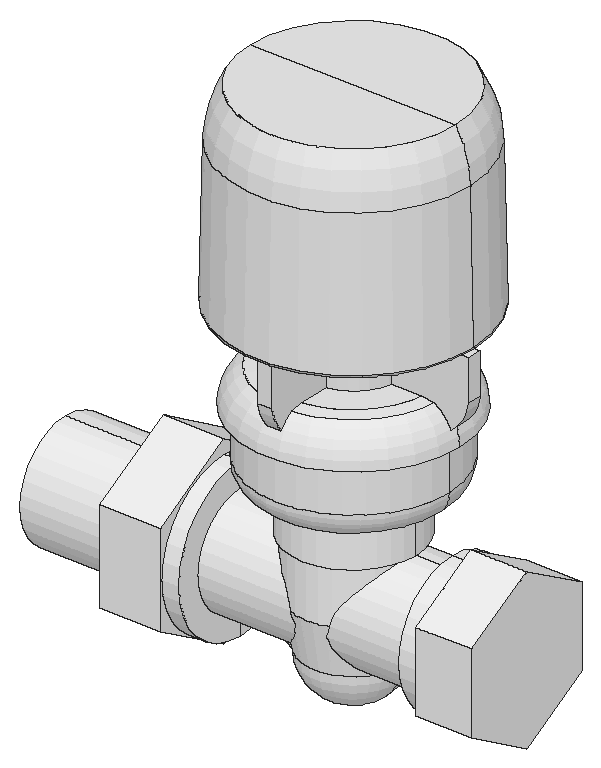
Revit family "RA-DV_Straight_DN10-20_D_Aveo_RFA_1", category Pipe Accessories, Revit 2019
Family settings
  Round Connector Dimension = Use Diameter
  Part Type = Valve - Breaks Into
  OmniClass Number = 23.65.55.14.17
  OmniClass Title = Adjusting/Controlling Valves for Liquid Services
  Work Plane-Based = No
  Always vertical = Yes
  Cut with Voids When Loaded = No
  Shared = No
Parameters (values of type "RA-DV_Straight_DN20_D_013G7726")
  Weight = 0.22 kg
  W = if(or(Sensor Type = Tamp_Remote, Sensor Type = [Tamp_Built-in]), 61.0 mm, 56.0 mm)  # 56.0 mm
  Valve Body Material = Danfoss Nickel Plated Brass
  URL = "https://store.danfoss.com/en/Climate-Solutions-for-heating/Radiator-Thermostats/Radiator-Valves/Build-on-valves/Dynamic-Valves/c/13865?q=%3Arelevance%3Adanfoss_producttypehierarchydesc%3ARA-DV%3Adanfoss_a223339155%3AA223_3391558c5e50fab3748e9c53a6863b3dce1401&text="
  TT = 18.35 mm
  TB = 18.35 mm
  T3 = 8.336 mm
  T2 = 13.2 mm
  T1 = 12.7 mm
  Setting Range = "1-7,N"  # constant formula
  Sensor Type = Aveo Sensors_RA_RFA : Aveo Sensors_Built-in_7-21 °C_015G4180
  SH_L = (LL - LL2) + LR + LL3  # 83.9 mm
  R8 = 13.5 mm
  R6 = 5.0 mm
  R5 = 8.277 mm
  R4 = 10.773 mm
  R3 = 8.277 mm
  R2 = 11.525 mm
  R1 = 14.455 mm
  Pressure Drop [instance] = 0.0 Pa
  PTR = 4.2 mm
  PTL = 4.0 mm
  PHR = 15.6 mm
  PHL = 18.1 mm
  Model Type = "RA-DV_Straight_DN20_D"
  Model = "013G7726"
  Min Medium Temperature = "2 °C"  # constant formula
  Min Differential Pressure = "0.1 bar"  # constant formula
  Max Operating Pressure = "10 bar"  # constant formula
  Max Medium Temperature = "95 °C"  # constant formula
  Max Flow (Text) = "135 l/h"  # constant formula
  Max Differential Pressure = "0.6 bar"  # constant formula
  Manufacturer = "Danfoss"  # constant formula
  LR2 = 12.9 mm
  LR1 = 0.652 mm
  LR = 40.0 mm
  LOD 350 = not(LOD 200)  # yes
  LOD 200 = no
  LL3 = 14.0 mm
  LL2 = 36.5 mm
  LL = 66.4 mm
  L [instance] = 106.4 mm
  IfcExportType = "RA-DV"  # constant formula
  IfcExportAs = "IfcValveType"  # constant formula
  Hex22 = 31.7 mm
  Hex2 = 36.6 mm
  Hex11 = 36.7 mm
  Hex1 = 42.4 mm
  Ha [instance] = 105.0 mm
  HT7 = 3.85 mm
  HT6 = 3.75 mm
  HT5 = 3.4 mm
  HT4 = 9.924 mm
  HT3 = 1.826 mm
  HT2 = 7.7 mm
  HT1 = 21.0 mm
  HB2 = 10.5 mm
  HB1 = 11.0 mm
  H [instance] = 126.5 mm
  Flow [instance] = 0.0 L/s
  Description = "Thermostatic Radiator Valve\r\n"  # constant formula
  D = 20.0 mm
  Application = "2-Pipe System"  # constant formula
  A3 = 18.055 mm
  A2 = 8.3 mm
  A1 = 3.0 mm
  Tamp_Built-in = Aveo Sensors_RA_RFA : Aveo Sensors_Tamperproof_Built-in_7-28 °C
  Tamp_Remote = Aveo Sensors_RA_RFA : Aveo Sensors_Tamperproof_Remote_7-26 °C_015G4042
Reference planes
  plane 1 "Center (Front/Back)": y = 0
  plane 2: z = 0
  plane 3 "Center (Left/Right)": x = 0
  plane 4: y = 18.35
  plane 5: y = -18.35
  plane 6 "Sensor": z = 21
  plane 7: x = -66.4
  plane 8 "LL": x = -29.9
  plane 9 "LR": x = 27.1
  plane 10: x = 40
  plane 11: z = 51.45
  plane 12: z = 47.6
  plane 13: z = 43.85
  plane 14: z = 40.45
  plane 15: z = 30.526
  plane 16: z = 28.7
  plane 17: z = 12.664
  plane 18: z = -11
  plane 19: z = -21.5
  plane 20: x = -43.9
  plane 21: x = -1.95
  plane 22: y = 28
  plane 23: y = -28
Forms (mm)
  Revolve 1, solid, material "Danfoss Nickel Plated Brass" <- "Valve Body Material", detail levels fine
    sketch origin (0, 0, 0) x (1, 0, 0) y (0, 0, 1)
      loop
        line (-66.4, 0) -> (-29.9, 0) -> (-29.9, 13.2) -> (-66.4, 13.2) -> (-66.4, 0)
      axis (-66.4, 0) -> (-29.9, 0)
    angle from 0 to 360
  Revolve 2, solid, material "Danfoss Nickel Plated Brass" <- "Valve Body Material", detail levels fine
    sketch origin (0, 0, 0) x (1, 0, 0) y (0, 0, 1)
      loop
        line (27.1, 12.7) -> (-29.9, 12.7) -> (-29.9, 0) -> (27.1, 0) -> (27.1, 12.7)
      axis (27.1, 0) -> (-29.9, 0)
    angle from 0 to 360
  Revolve 3, solid, material "Danfoss Brass", visible <- "LOD 350", detail levels fine
    sketch origin (0, 0, 0) x (1, 0, 0) y (0, 0, 1)
      loop
        line (0, 47.6) -> (-5, 47.6) -> (-5, 43.85) -> (-8.277, 43.85) -> (-8.277, 40.45) -> (0, 40.45) -> (0, 47.6)
      loop
        line (-8.277, 30.526) -> (-8.277, 28.7) -> (-11.525, 28.7) -> (-11.525, 21) -> (0, 21) -> (0, 30.526) -> (-8.277, 30.526)
      axis (0, 21) -> (0, 47.6)
    angle from 0 to 360
  Revolve 4, solid, material "Danfoss Nickel Plated Brass" <- "Valve Body Material", visible <- "LOD 350", detail levels fine
    sketch origin (0, 0, 0) x (1, 0, 0) y (0, 0, 1)
      loop
        line (13.5, 0) -> (13.5, 12.664) -> (14.455, 12.664) -> (14.455, 21) -> (0, 21) -> (0, -21.48)
        arc (0, -21.48) -> (7.755, -18.733) -> (11.15, -11.239) r 10.5
        line (11.15, -11.239) -> (13.5, 0)
      axis (0, -21.48) -> (0, 21)
    angle from 0 to 360
  Revolve 5, solid, material "Danfoss Nickel Plated Brass" <- "Valve Body Material", visible <- "LOD 350", detail levels fine
    sketch origin (0, 0, 0) x (1, 0, 0) y (0, 0, 1)
      loop
        line (-29.9, 18.1) -> (-29.9, 0) -> (-25.9, 0) -> (-25.9, 18.1) -> (-29.9, 18.1)
      axis (-29.9, 0) -> (-25.9, 0)
    angle from 0 to 360
  Revolve 6, solid, material "Danfoss Nickel Plated Brass" <- "Valve Body Material", visible <- "LOD 350", detail levels fine
    sketch origin (0, 0, 0) x (1, 0, 0) y (0, 0, 1)
      loop
        line (27.1, 15.6) -> (22.9, 15.6) -> (22.9, 0) -> (27.1, 0) -> (27.1, 15.6)
      axis (22.9, 0) -> (27.1, 0)
    angle from 0 to 360
  Extrusion 7, solid, material "Danfoss Nickel Plated Brass" <- "Valve Body Material", visible <- "LOD 350", detail levels fine
    sketch origin (0, 0, 0) x (1, 0, 0) y (0, 0, 1)
      loop
        line (0, 0) -> (-29.9, 0) -> (-29.9, -3) -> (-8.3, -18.055) -> (0, -18.055) -> (0, 0)
    from -2 to 2
  Extrusion 8, solid, material "Danfoss Nickel Plated Brass" <- "Valve Body Material", visible <- "LOD 200", detail levels fine
    sketch origin (-29.9, 0, 0) x (0, 0, -1) y (0, -1, 0)
      loop
        circle (0, 0) r 21.2
    from 0 to 14
  Extrusion 9, solid, material "Danfoss Nickel Plated Brass" <- "Valve Body Material", visible <- "LOD 200", detail levels fine
    sketch origin (27.1, 0, 0) x (0, 0, -1) y (0, -1, 0)
      loop
        circle (0, 0) r 18.3
    from 0 to -12.9
  Revolve 10, solid, material "Danfoss Nickel Plated Brass" <- "Valve Body Material", visible <- "LOD 200", detail levels fine
    sketch origin (0, 0, 0) x (1, 0, 0) y (0, 0, 1)
      loop
        line (10.5, -14.643) -> (10.5, 12.664) -> (14.455, 12.664) -> (14.455, 21) -> (0, 21) -> (0, -21.48)
        arc (0, -21.48) -> (6.381, -19.799) -> (10.5, -14.643) r 10.5
      axis (0, -21.48) -> (0, 21)
    angle from 0 to 360
  Revolve 11, solid, material "Danfoss Nickel Plated Brass" <- "Valve Body Material", detail levels fine
    sketch origin (0, 0, 0) x (1, 0, 0) y (0, 0, 1)
      loop
        line (0, 51.45) -> (-1, 51.45) -> (-1, 47.6) -> (0, 47.6) -> (0, 51.45)
      axis (0, 47.6) -> (0, 51.45)
    angle from 0 to 360
  Revolve 12, solid, material "Danfoss Brass", visible <- "LOD 200", detail levels fine
    sketch origin (0, 0, 0) x (1, 0, 0) y (0, 0, 1)
      loop
        line (0, 47.6) -> (-5, 47.6) -> (-5, 40.45) -> (0, 40.45) -> (0, 47.6)
      loop
        line (0, 30.526) -> (-11.5, 30.526) -> (-11.5, 21) -> (0, 21) -> (0, 30.526)
      axis (0, 21) -> (0, 47.6)
    angle from 0 to 360
  Revolve 13, solid, material "Danfoss Plastic Green", detail levels fine
    sketch origin (0, 0, 0) x (1, 0, 0) y (0, 0, 1)
      loop
        line (0, 40.45) -> (-10.773, 40.45) -> (-10.773, 30.526) -> (0, 30.526) -> (0, 40.45)
      axis (0, 40.45) -> (0, 30.526)
    angle from 0 to 360
Dimensions and locks
  "LL": plane 3 "Center (Left/Right)" to plane 7
  "LR": plane 10 to plane 3 "Center (Left/Right)"
  "LR2": plane 9 "LR" to plane 10
  "LL2": plane 7 to plane 8 "LL"
  "HT1": plane 6 "Sensor" to level
  "T3": plane 6 "Sensor" to plane 17
  "HT2": plane 16 to plane 6 "Sensor"
  "HT3": plane 15 to plane 16
  "HT4": plane 14 to plane 15
  "HT5": plane 13 to plane 14
  "HT6": plane 12 to plane 13
  "HT7": plane 11 to plane 12
  "T2": Revolve 1 sketch curve to level
  "T1": Revolve 2 sketch curve to level
  "R6": plane 3 "Center (Left/Right)" to Revolve 3 sketch curve
  "R5": plane 3 "Center (Left/Right)" to Revolve 3 sketch curve
  "R3": plane 3 "Center (Left/Right)" to Revolve 3 sketch curve
  "R2": Revolve 3 sketch curve to plane 3 "Center (Left/Right)"
  "R8": Revolve 4 sketch curve to plane 3 "Center (Left/Right)"
  "HB1": level to Revolve 4 sketch curve
  "LR1": Revolve 4 sketch curve to plane 3 "Center (Left/Right)"
  "PTL": plane 8 "LL" to Revolve 5 sketch curve
  "PHL": Revolve 5 sketch curve to level
  "PTR": Revolve 6 sketch curve to plane 9 "LR"
  "PHR": Revolve 6 sketch curve to level
  "R1": Revolve 4 sketch curve to plane 3 "Center (Left/Right)"
  "HB2": plane 18 to plane 19
  "HB1": level to plane 18
  "TT": plane 1 "Center (Front/Back)" to plane 4
  "TB": plane 5 to plane 1 "Center (Front/Back)"
  plane 7 to plane 10 = 106.4 mm
  "LL3": plane 20 to plane 8 "LL"
  equal spacing: plane 20, plane 21, plane 10
  "HB2": Revolve 10 sketch curve to plane 3 "Center (Left/Right)"
  "R1": Revolve 10 sketch curve to plane 3 "Center (Left/Right)"
  "HB1": level to Revolve 10 sketch curve
  "A2": plane 3 "Center (Left/Right)" to Extrusion 7 sketch curve
  "A1": level to Extrusion 7 sketch curve
  "A3": level to Extrusion 7 sketch curve
  "W": plane 22 to plane 23
  equal spacing: plane 22, plane 1 "Center (Front/Back)", plane 23
  Revolve 3 sketch curve to Revolve 3 sketch curve = 5.0 mm
  plane 3 "Center (Left/Right)" to Revolve 11 sketch curve = 1.0 mm
  plane 3 "Center (Left/Right)" to Revolve 12 sketch curve = 5.0 mm
  plane 3 "Center (Left/Right)" to Revolve 12 sketch curve = 11.5 mm
  "R4": plane 3 "Center (Left/Right)" to Revolve 13 sketch curve
  "L": plane 7 to plane 10
  "Ha": nested 4 to level
  "H": nested 4 to plane 19
  "HB2": radius of Revolve 4 sketch curve
  "Hex1": diameter of Extrusion 8 sketch curve
  "Hex2": diameter of Extrusion 9 sketch curve
  "HB2": radius of Revolve 10 sketch curve
  aligned and locked: level to plane 2
  aligned and locked: Revolve 1 sketch curve to plane 2  (x2)
  aligned and locked: plane 7 to Revolve 1 sketch curve
  aligned and locked: Revolve 1 sketch curve to plane 8 "LL"
  aligned and locked: Revolve 2 sketch curve to plane 9 "LR"
  aligned and locked: plane 8 "LL" to Revolve 2 sketch curve
  aligned and locked: Revolve 2 sketch curve to level
  aligned and locked: plane 2 to Revolve 2 sketch curve
  aligned and locked: plane 3 "Center (Left/Right)" to Revolve 3 sketch curve  (x2)
  aligned and locked: plane 6 "Sensor" to Revolve 3 sketch curve
  aligned and locked: Revolve 3 sketch curve to plane 16
  aligned and locked: Revolve 3 sketch curve to plane 13
  aligned and locked: Revolve 3 sketch curve to plane 12
  aligned and locked: plane 3 "Center (Left/Right)" to Revolve 4 sketch curve
  aligned and locked: plane 17 to Revolve 4 sketch curve
  aligned and locked: Revolve 4 sketch curve to plane 3 "Center (Left/Right)"
  aligned and locked: level to Revolve 4 sketch curve
  aligned and locked: Revolve 5 sketch curve to plane 8 "LL"
  aligned and locked: plane 2 to Revolve 5 sketch curve
  aligned and locked: Revolve 5 sketch curve to plane 2
  aligned and locked: Revolve 6 sketch curve to plane 9 "LR"
  aligned and locked: Revolve 6 sketch curve to plane 2
  aligned and locked: level to nested 1
  aligned and locked: nested 1 to plane 1 "Center (Front/Back)"
  aligned and locked: level to nested 2
  aligned and locked: Extrusion 7 sketch curve to plane 3 "Center (Left/Right)"
  aligned and locked: Extrusion 7 sketch curve to level
  aligned and locked: plane 1 "Center (Front/Back)" to nested 3
  aligned and locked: nested 2 to plane 8 "LL"
  aligned and locked: Extrusion 9 to plane 10
  aligned and locked: plane 20 to Extrusion 8
  aligned and locked: Extrusion 7 sketch curve to plane 8 "LL"
  aligned and locked: Revolve 11 sketch curve to plane 11
  aligned and locked: Revolve 11 sketch curve to plane 12
  aligned and locked: Revolve 11 sketch curve to plane 3 "Center (Left/Right)"
  aligned and locked: Revolve 11 sketch curve to Revolve 3
  aligned and locked: plane 3 "Center (Left/Right)" to Revolve 11 sketch curve
  aligned and locked: Revolve 12 sketch curve to plane 3 "Center (Left/Right)"  (x2)
  aligned and locked: Revolve 12 sketch curve to plane 12
  aligned and locked: Revolve 12 sketch curve to plane 14
  aligned and locked: plane 3 "Center (Left/Right)" to Revolve 12 sketch curve
  aligned and locked: Revolve 12 sketch curve to plane 15
  aligned and locked: Revolve 12 sketch curve to plane 6 "Sensor"
  aligned and locked: Revolve 12 sketch curve to Revolve 4
  aligned and locked: Revolve 3 sketch curve to plane 14
  aligned and locked: Revolve 3 sketch curve to plane 15
  aligned and locked: Revolve 13 sketch curve to plane 3 "Center (Left/Right)"  (x2)
  aligned and locked: Revolve 13 sketch curve to plane 14
  aligned and locked: Revolve 13 sketch curve to plane 15
  aligned and locked: plane 3 "Center (Left/Right)" to nested 4
  aligned and locked: plane 1 "Center (Front/Back)" to nested 4
  aligned and locked: Revolve 12 to plane 6 "Sensor"
  aligned and locked: nested 4 to plane 6 "Sensor"
  aligned and locked: nested 3 to plane 10
  aligned and locked: plane 2 to nested 3
Automatic sketch dimensions
  Revolve 11 sketch curve to Revolve 11 sketch curve = 2.4 mm
  Revolve 12 sketch curve to plane 11 = 3.224 mm
  plane 7 to Revolve 1 sketch curve = 35.0 mm
  Revolve 1 sketch curve to Revolve 1 sketch curve = 10.0 mm
  Revolve 2 sketch curve to plane 10 = 21.15 mm
  Revolve 2 sketch curve to Revolve 2 sketch curve = 5.0 mm
  Revolve 3 sketch curve to plane 11 = 8.15 mm
  Revolve 3 sketch curve to Revolve 3 sketch curve = 5.0 mm
  Revolve 4 sketch curve to plane 6 "Sensor" = 0.0 mm
  plane 18 to Revolve 4 sketch curve = 0.239 mm
  Revolve 4 sketch curve to plane 11 = 12.995 mm
  Revolve 4 sketch curve to Revolve 4 sketch curve = 10.0 mm
  plane 7 to Revolve 5 sketch curve = 6.452 mm
  Revolve 5 sketch curve to Revolve 5 sketch curve = 6.248 mm
  Revolve 6 sketch curve to level = 0.0 mm
  plane 7 to Revolve 6 sketch curve = 403.008 mm
  Revolve 6 sketch curve to Revolve 6 sketch curve = 5.0 mm
  Extrusion 8 sketch curve to level = 0.0 mm
  Extrusion 8 sketch curve to plane 1 "Center (Front/Back)" = 0.0 mm
  Extrusion 9 sketch curve to level = 0.0 mm
  Extrusion 9 sketch curve to plane 1 "Center (Front/Back)" = 0.0 mm
  Revolve 10 sketch curve to plane 3 "Center (Left/Right)" = 0.0 mm  (x2)
  Revolve 10 sketch curve to plane 17 = 0.0 mm
  Revolve 10 sketch curve to plane 6 "Sensor" = 0.0 mm
  plane 3 "Center (Left/Right)" to Revolve 10 sketch curve = 0.652 mm
  Revolve 10 sketch curve to plane 11 = 12.995 mm
  Revolve 10 sketch curve to Revolve 10 sketch curve = 10.0 mm
  plane 19 to Revolve 13 sketch curve = 345.045 mm
  Revolve 13 sketch curve to plane 11 = 2162.865 mm
Nested families
  nested 1: "Hexagon" at (27.1, 0, 0) x (0, 0, 1) z (1, 0, 0), h <- "LR2", a <- "Hex22", Body Material <- "Valve Body Material", visible <- "LOD 350", type "Hexagon"
    with h 12.9 mm, b 15.85 mm, a 31.7 mm, Body Material Danfoss Nickel Plated Brass
  nested 2: "Hexagon" at (-29.9, 0, 0) x (0, 0, 1) z (-1, 0, 0), h <- "LL3", a <- "Hex11", visible <- "LOD 350", Body Material <- "Valve Body Material", type "Hexagon"
    with h 14.0 mm, b 18.35 mm, a 36.7 mm, Body Material Danfoss Nickel Plated Brass
  nested 3: "Schematic_Pressure Independent TRV_Sensor_Straight" at (-1.95, 0, 0), type "Schematic_Pressure Independent TRV_Sensor_Straight", detail levels coarse+medium
    with L/4_2 2.622 mm, L/2 41.95 mm, H/3_2 30.5 mm, H/3_1 7.32 mm, H/3 27.967 mm, L/4 16.78 mm, L 83.9 mm, H/8 10.488 mm, H/2 41.95 mm, H 109.8 mm, D 36.6 mm
  nested 4: "Aveo Sensors_RA_RFA" at (0, 0, 21), LOD 200 <- "LOD 200", type <- "Sensor Type", type "Aveo Sensors_Built-in_7-21 °C_015G4180", detail levels fine
    with Y' 700.0 mm, X' 700.0 mm, LOD 350 yes, LOD 200 no, Box Z Offset 100.0 mm, Box Y Offset 100.0 mm, Box X Offset 100.0 mm
Connectors
  piping at (40, 0, 0), diameter 20, driven by "D", driven by "Flow"
    settings: on nested 1, index 1, connector inside diameter 609.6 mm, connector length 0.0 mm, flow factor 0, pipe flow 0.0 L/s, pressure drop 0.0 Pa, fitting loss kfactor 0, connector angle 0.00°, fixture units 0, engagement length 0.0 mm, angle of deflection 0.00°, flow configuration 0, flow direction 1, fitting loss method 0, system type 29, joint type 0, gender type 0, connector reference index 2, connector utility 0, adjustable connector no, is connector primary yes, connector description ""
  piping at (-43.9, 0, 0), diameter 20, driven by "D", driven by "Flow"
    settings: on Extrusion 8, index 2, connector inside diameter 609.6 mm, connector length 0.0 mm, flow factor 0, pipe flow 0.0 L/s, pressure drop 0.0 Pa, fitting loss kfactor 0, connector angle 0.00°, fixture units 0, engagement length 0.0 mm, angle of deflection 0.00°, flow configuration 0, flow direction 2, fitting loss method 0, system type 29, joint type 0, gender type 0, connector reference index 1, connector utility 0, adjustable connector no, is connector primary no, connector description ""
Definition of nested family "Hexagon"
  Parameters (values of type "Hexagon")
    h [instance] = 4.0 mm
    b [instance] = a / 2  # 10.0 mm
    a [instance] = 20.0 mm
    Default Elevation = 1219.2 mm
    Body Material [instance] = none
  Reference planes
    plane 1 "Center (Front/Back)": y = 0
    plane 2: z = 0
    plane 3 "Center (Left/Right)": x = 0
    plane 4: z = 4
  Forms (mm)
    Extrusion 1, solid
      sketch origin (0, 0, 0) x (1, 0, 0) y (0, 1, 0)
        loop
          line (-1219.2, 1219.2) -> (-1219.2, -1219.2) -> (1219.2, -1219.2) -> (1219.2, 1219.2) -> (-1219.2, 1219.2)
      from 0 to -304.8
    Extrusion 2, solid, material <- "Body Material", detail levels fine
      sketch origin (0, 0, 0) x (1, 0, 0) y (0, 1, 0)
        loop
          line (5.774, 10) -> (-5.774, 10) -> (-11.547, 0) -> (-5.774, -10) -> (5.774, -10) -> (11.547, 0) -> (5.774, 10)
      from 0 to 4
  Lines and regions (mm)
    reference lines
      curve 1: line (125, -216.506, 0) -> (-125, 216.506, 0)
      curve 2: line (-125, -216.506, 0) -> (125, 216.506, 0)
  Dimensions and locks
    "h": plane 4 to level
    "b": curve 1 to Extrusion 2 sketch curve
    "b": Extrusion 2 sketch curve to curve 1
    "b": Extrusion 2 sketch curve to curve 2  (x2)
    "b": plane 1 "Center (Front/Back)" to Extrusion 2 sketch curve
    "b": Extrusion 2 sketch curve to plane 1 "Center (Front/Back)"
    aligned and locked: plane 2 to Extrusion 1
    aligned and locked: level to Extrusion 1
    aligned and locked: plane 4 to Extrusion 2
  Automatic sketch dimensions
    Extrusion 1 sketch curve to Extrusion 1 sketch curve = 2438.4 mm  (x2)
    curve 1 to plane 3 "Center (Left/Right)" = 125.0 mm
    plane 1 "Center (Front/Back)" to curve 2 = 216.506 mm
    curve 2 to plane 3 "Center (Left/Right)" = 125.0 mm
    plane 3 "Center (Left/Right)" to curve 2 = 125.0 mm
    plane 3 "Center (Left/Right)" to curve 1 = 125.0 mm
    plane 1 "Center (Front/Back)" to curve 1 = 216.506 mm
    curve 2 to plane 1 "Center (Front/Back)" = 216.506 mm
    curve 1 to plane 1 "Center (Front/Back)" = 216.506 mm
Definition of nested family "Aveo Sensors_RA_RFA"
  Parameters (values of type "Aveo Sensors_Built-in_7-28 °C")
    YH = XYadd - H'  # 516.0 mm
    Y' [instance] = if(Box Y Offset < -1 * XYlimit, XYadd - XYlimit, (if(Box Y Offset > XYlimit, XYadd + XYlimit, Box Y Offset + XYadd)))  # 700.0 mm
    XYadd = XYlimit + 100.0 mm  # 600.0 mm
    X' [instance] = if(Box X Offset < -1 * XYlimit, XYadd - XYlimit, (if(Box X Offset > XYlimit, XYadd + XYlimit, Box X Offset + XYadd)))  # 700.0 mm
    XYlimit = 500.0 mm
    W [instance] = 56.0 mm
    Tactile Temperature Setting = "Yes (Tactile feedback every 0.5°C)"
    Min Temperature Setting = "7 °C"  # constant formula
    Max Temperature Setting = "28 °C"
    Max Capillary Tube Length = 0.0 mm
    L [instance] = 56.0 mm
    Box Z Offset [instance] = 100.0 mm  # constant formula
    Aveo Sensor = Aveo_RFA : Aveo Sensors
    Sensor Media = "Gas"  # constant formula
    Remote Sensor = if(RS = 1, 1 = 1, 1 = 0)  # no
    URL = "https://store.danfoss.com/en/Climate-Solutions-for-heating/Radiator-Thermostats/Radiator-sensors/Room-sensor-mTRV/Sensors-for-Danfoss-RA-valves/c/13884?q=%3Arelevance%3Adanfoss_producttypehierarchydesc%3ADanfoss+Aveo%C2%AE+Sensors%3Adanfoss_a1186338575%3AA1186_3385757565fa0f3e171a343b2fd2a01064cb82&text="
    RS = 0
    Model Type = "Aveo Sensors_Built-in_7-28 °C"
    Model = "015G4090,015G4098,015G4290"
    Manufacturer = "Danfoss"  # constant formula
    LOD 350 [instance] = not(LOD 200)  # yes
    LOD 200 [instance] = no
    IfcExportType = "Aveo Sensors"  # constant formula
    IfcExportAs = "IfcActuatorType"  # constant formula
    H' = 84.0 mm
    H [instance] = 84.0 mm
    Description = "Radiator Sensor"  # constant formula
    Connection = "RA"  # constant formula
    Box Y Offset [instance] = 100.0 mm
    Box X Offset [instance] = 100.0 mm
    Body Material = none
  Types (8, lengths in mm): name | YH | Y' | XYadd | X' | XYlimit | W | Tactile Temperature Setting | Max Temperature Setting | Max Capillary Tube Length | L | Aveo Sensor | Remote Sensor | URL | RS | Model Type | Model
    (no name) | 516.0 | 700.0 | 600.0 | 700.0 | 500.0 | 56.0 | "Yes (Tactile feedback every 0.5°C)" | "28 °C" | 0.0 | 56.0 | Aveo_RFA : Aveo Sensors | no | "https://store.danfoss.com/en/Climate-Solutions-for-heating/Radiator-Thermostats/Radiator-sensors/Room-sensor-mTRV/Sensors-for-Danfoss-RA-valves/c/13884?q=%3Arelevance%3Adanfoss_producttypehierarchydesc%3ADanfoss+Aveo%C2%AE+Sensors%3Adanfoss_a1186338575%3AA1186_3385757565fa0f3e171a343b2fd2a01064cb82&text=" | 0 | "Aveo Sensors_Built-in_7-28 °C" | "015G4090,015G4098,015G4290"
    Aveo Sensors_Remote_7-21 °C_015G4182 | 1016.0 | 1200.0 | 1100.0 | 1200.0 | 1000.0 | 56.0 | "Yes (Tactile feedback every 0.5°C)" | "21 °C" | 2000.0 | 56.0 | Aveo_RFA : Aveo Sensors | yes | "https://store.danfoss.com/en/Climate-Solutions-for-heating/Radiator-Thermostats/Radiator-sensors/Room-sensor-mTRV/Sensors-for-Danfoss-RA-valves/c/13884?q=%3Arelevance%3Adanfoss_producttypehierarchydesc%3ADanfoss+Aveo%C2%AE+Sensors%3Adanfoss_a1186338575%3AA1186_3385756922a4d78decdb47e1e9a53dbb12a95d&text=" | 1 | "Aveo Sensors_Remote_7-21 °C" | "015G4182"
    Aveo Sensors_Tamperproof_Built-in_7-28 °C | 516.0 | 700.0 | 600.0 | 700.0 | 500.0 | 61.0 | "No" | "28 °C" | 0.0 | 61.03 | Aveo_RFA : Aveo Sensors_Tamper | no | "https://store.danfoss.com/en/Climate-Solutions-for-heating/Radiator-Thermostats/Radiator-sensors/Room-sensor-mTRV/Sensors-for-Danfoss-RA-valves/c/13884?q=%3Arelevance%3Adanfoss_producttypehierarchydesc%3ADanfoss+Aveo%C2%AE+Sensors%3Adanfoss_a1143338549%3AA1143_33854930bf066c25ae61e81a17fb3e21ea8fe7%3Adanfoss_a1186338575%3AA1186_3385757565fa0f3e171a343b2fd2a01064cb82&text=" | 0 | "Aveo Sensors_Tamperproof_Built-in_7-28 °C" | "015G4040,015G4240"
    Aveo Sensors_Tamperproof_Remote_7-26 °C_015G4042 | 1016.0 | 1200.0 | 1100.0 | 1200.0 | 1000.0 | 60.97 | "No" | "26 °C" | 2000.0 | 61.03 | Aveo_RFA : Aveo Sensors_Tamper | yes | "https://store.danfoss.com/en/Climate-Solutions-for-heating/Radiator-Thermostats/Radiator-sensors/Room-sensor-mTRV/Sensors-for-Danfoss-RA-valves/c/13884?q=%3Arelevance%3Adanfoss_producttypehierarchydesc%3ADanfoss+Aveo%C2%AE+Sensors%3Adanfoss_a1143338549%3AA1143_33854930bf066c25ae61e81a17fb3e21ea8fe7%3Adanfoss_a1186338575%3AA1186_3385756922a4d78decdb47e1e9a53dbb12a95d" | 1 | "Aveo Sensors_Tamperproof_Remote_7-26 °C" | "015G4042"
    Aveo Sensors_Built-in_7-21 °C_015G4180 | 516.0 | 700.0 | 600.0 | 700.0 | 500.0 | 56.0 | "Yes (Tactile feedback every 0.5°C)" | "21 °C" | 0.0 | 56.0 | Aveo_RFA : Aveo Sensors | no | "https://store.danfoss.com/en/Climate-Solutions-for-heating/Radiator-Thermostats/Radiator-sensors/Room-sensor-mTRV/Sensors-for-Danfoss-RA-valves/c/13884?q=%3Arelevance%3Adanfoss_producttypehierarchydesc%3ADanfoss+Aveo%C2%AE+Sensors%3Adanfoss_a1186338575%3AA1186_3385757565fa0f3e171a343b2fd2a01064cb82&text=" | 0 | "Aveo Sensors_Built-in_7-21 °C" | "015G4180"
    Aveo Sensors_Built-in_7-23 °C_015G4123 | 516.0 | 700.0 | 600.0 | 700.0 | 500.0 | 56.0 | "Yes (Tactile feedback every 0.5°C)" | "23 °C" | 0.0 | 56.0 | Aveo_RFA : Aveo Sensors | no | "https://store.danfoss.com/en/Climate-Solutions-for-heating/Radiator-Thermostats/Radiator-sensors/Room-sensor-mTRV/Sensors-for-Danfoss-RA-valves/c/13884?q=%3Arelevance%3Adanfoss_producttypehierarchydesc%3ADanfoss+Aveo%C2%AE+Sensors%3Adanfoss_a1186338575%3AA1186_3385757565fa0f3e171a343b2fd2a01064cb82&text=" | 0 | "Aveo Sensors_Built-in_7-23 °C" | "015G4123"
    Aveo Sensors_Built-in_7-28 °C | 516.0 | 700.0 | 600.0 | 700.0 | 500.0 | 56.0 | "Yes (Tactile feedback every 0.5°C)" | "28 °C" | 0.0 | 56.0 | Aveo_RFA : Aveo Sensors | no | "https://store.danfoss.com/en/Climate-Solutions-for-heating/Radiator-Thermostats/Radiator-sensors/Room-sensor-mTRV/Sensors-for-Danfoss-RA-valves/c/13884?q=%3Arelevance%3Adanfoss_producttypehierarchydesc%3ADanfoss+Aveo%C2%AE+Sensors%3Adanfoss_a1186338575%3AA1186_3385757565fa0f3e171a343b2fd2a01064cb82&text=" | 0 | "Aveo Sensors_Built-in_7-28 °C" | "015G4090,015G4098,015G4290"
    Aveo Sensors_Remote_7-26 °C | 1016.0 | 1200.0 | 1100.0 | 1200.0 | 1000.0 | 56.0 | "Yes (Tactile feedback every 0.5°C)" | "26 °C" | 2000.0 | 56.0 | Aveo_RFA : Aveo Sensors | yes | "https://store.danfoss.com/en/Climate-Solutions-for-heating/Radiator-Thermostats/Radiator-sensors/Room-sensor-mTRV/Sensors-for-Danfoss-RA-valves/c/13884?q=%3Arelevance%3Adanfoss_producttypehierarchydesc%3ADanfoss+Aveo%C2%AE+Sensors%3Adanfoss_a1186338575%3AA1186_3385756922a4d78decdb47e1e9a53dbb12a95d&text=" | 1 | "Aveo Sensors_Remote_7-26 °C" | "015G4092,015G4292"
  Reference planes
    plane 1 "Center (Front/Back)": y = 0
    plane 2: z = 0
    plane 3 "Center (Left/Right)": x = 0
    plane 4: x = -600
    plane 5: z = -516
    plane 6: z = 184
  Lines and regions (mm)
    reference lines
      curve 1: line (100, 100, 0) -> (100, 0, 0)
      curve 2: line (17.515, 100, 0) -> (-57.485, 100, 0)
  Dimensions and locks
    "XYadd": plane 4 to plane 3 "Center (Left/Right)"
    "YH": level to plane 5
    locked: plane 1 "Center (Front/Back)" to curve 2 at 100
    "Y'": plane 6 to plane 5
    "X'": plane 4 to curve 1
    "H": nested 1 to level
    nested 2 to nested 1 = 100.0 mm
    nested 2 to plane 3 "Center (Left/Right)" = 100.0 mm
    "Box Z Offset": nested 2 to plane 1 "Center (Front/Back)"
    nested 1 to nested 1 = 56.0 mm
    "L": nested 1 to nested 1
    aligned and locked: level to plane 2
    aligned and locked: plane 3 "Center (Left/Right)" to nested 1
    aligned and locked: plane 1 "Center (Front/Back)" to nested 1
    aligned and locked: curve 1 to nested 2
    aligned and locked: plane 6 to nested 2
    aligned and locked: nested 1 to level
  Automatic sketch dimensions
    plane 1 "Center (Front/Back)" to curve 1 = 0.0 mm
    plane 3 "Center (Left/Right)" to curve 2 = 17.515 mm
    curve 2 to plane 3 "Center (Left/Right)" = 57.485 mm
  Nested families
    nested 1: "Aveo_RFA" at (0, 0, 0), type <- "Aveo Sensor", type "Aveo Sensors", detail levels fine
    nested 2: "Remote sensor_box_RFA" at (100, 100, 184) x (-1, 0, 0) z (0, -1, 0), LOD 200 <- "LOD 200", Body Material <- "Body Material", visible <- "Remote Sensor", type "Remote sensor_box"
      with LOD 350 yes, LOD 200 no, Body Material none
  Definition of nested family "Aveo_RFA"
    Parameters (values of type "Aveo Sensors")
      W = L  # 56.0 mm
      URL = ""
      With Tamper (LOD 350) = if(and(LOD 350, D1 = 1.0 mm), 1 = 1, 1 = 0)  # no
      Standard (LOD 200) = and(not([Standard (LOD 350)]), not(With Tamper), not([With Tamper (LOD 350)]))  # no
      Sensor Media = "Gas"  # constant formula
      Model = ""
      Manufacturer = "Danfoss"  # constant formula
      LOD 350 = not(LOD 200)  # yes
      LOD 200 = no
      With Tamper = if(and(LOD 200, D1 = 1.0 mm), 1 = 1, 1 = 0)  # no
      L = 56.0 mm
      IfcExportType = "Aveo Sensors"  # constant formula
      IfcExportAs = "IfcActuatorType"  # constant formula
      H [instance] = 84.0 mm
      Description = "Radiator Sensor"  # constant formula
      D1 = 0.0 mm
      Connection = "RA"  # constant formula
      Body Material = none
      Standard (LOD 350) = and(not(LOD 200), not([With Tamper (LOD 350)]))  # yes
    Types (2, lengths in mm): name | W | With Tamper (LOD 350) | L | D1 | Standard (LOD 350)
      Aveo Sensors_Tamper | 61.03 | yes | 61.03 | 1.0 | no
      Aveo Sensors | 56.0 | no | 56.0 | 0.0 | yes
    Reference planes
      plane 1 "Center (Front/Back)": y = 0
      plane 2: z = 0
      plane 3 "Center (Left/Right)": x = 0
      plane 4: y = 28
      plane 5: z = 84
      plane 6: y = -28
      plane 7: z = 15.7
      plane 8: z = 55.7
      plane 9: x = -28
      plane 10: x = 28
    Forms (mm)
      Revolve 1, solid, material <- "Body Material", visible <- "Standard (LOD 350)"
        sketch origin (58.75, 0, 0) x (1, 0, 0) y (0, 0, 1)
          loop
            line (-85.931, 72.625) -> (-86.573, 39.37)
            arc (-86.573, 39.37) -> (-86.43, 39.01) -> (-86.073, 38.861) r 0.499
            line (-86.073, 38.861) -> (-76.586, 38.861) -> (-58.75, 38.861) -> (-58.75, 84) -> (-82.453, 84)
            arc (-82.453, 84) -> (-84.968, 78.55) -> (-85.931, 72.625) r 22.184
          loop
            line (-81.015, 17.711) -> (-81.015, 7.41)
            arc (-81.015, 7.41) -> (-79.155, 2.921) -> (-74.665, 1.061) r 6.349
            line (-74.665, 1.061) -> (-72.426, 1.061) -> (-71.627, 0) -> (-58.75, 0) -> (-58.75, 26.296) -> (-75.835, 26.296) -> (-78.801, 25.879)
            arc (-78.801, 25.879) -> (-82.169, 22.397) -> (-83.397, 17.711) r 9.556
            line (-83.397, 17.711) -> (-81.015, 17.711)
          axis (-58.75, 84) -> (-58.75, 0)
        angle from 0 to 360
      Revolve 2, solid, material <- "Body Material", visible <- "Standard (LOD 200)"
        sketch origin (0, 0, 0) x (1, 0, 0) y (0, 0, 1)
          loop
            line (0, 84) -> (-23.703, 84)
            arc (-23.703, 84) -> (-26.857, 80.567) -> (-28, 76.047) r 9.507
            line (-28, 76.047) -> (-28, 26.296) -> (0, 26.296) -> (0, 84)
          axis (0, 84) -> (0, 26.296)
        angle from 0 to 360
      Extrusion 3, solid, material <- "Body Material", visible <- "Standard (LOD 350)"
        sketch origin (0, 0, 0) x (1, 0, 0) y (0, 0, 1)
          loop
            line (-10.112, 38.861) -> (-18.956, 38.861) -> (-22.118, 37.969) -> (-28, 37.969) -> (-28, 28.615)
            arc (-28, 28.615) -> (-24.743, 22.336) -> (-18.133, 19.817) r 9.932
            line (-18.133, 19.817) -> (-10.112, 19.817) -> (-10.112, 38.861)
        from -1.599 to 1.564
      Extrusion 4, solid, material <- "Body Material", visible <- "Standard (LOD 350)"
        sketch origin (0, 0, 0) x (0, 1, 0) y (0, 0, 1)
          loop
            line (-7.612, 38.861) -> (-16.456, 38.861) -> (-19.618, 37.969) -> (-25.5, 37.969) -> (-25.5, 28.615)
            arc (-25.5, 28.615) -> (-22.243, 22.336) -> (-15.633, 19.817) r 9.932
            line (-15.633, 19.817) -> (-7.612, 19.817) -> (-7.612, 38.861)
        from -1.599 to 1.564
      Extrusion 5, solid, material <- "Body Material", visible <- "Standard (LOD 350)"
        sketch origin (0, 0, 0) x (-1, 0, 0) y (0, 0, -1)
          loop
            line (-10.112, -38.861) -> (-10.112, -19.817) -> (-18.133, -19.817)
            arc (-18.133, -19.817) -> (-24.743, -22.336) -> (-28, -28.615) r 9.932
            line (-28, -28.615) -> (-28, -37.969) -> (-22.118, -37.969) -> (-18.956, -38.861) -> (-10.112, -38.861)
        from -1.599 to 1.564
      Revolve 6, solid, material <- "Body Material", visible <- "Standard (LOD 200)"
        sketch origin (0, 0, 0) x (1, 0, 0) y (0, 0, 1)
          loop
            line (-22.577, 26.296) -> (-22.577, 0) -> (0, 0) -> (0, 26.296) -> (-22.577, 26.296)
          axis (0, 26.296) -> (0, 0)
        angle from 0 to 360
      Revolve 7, solid, material <- "Body Material", visible <- "With Tamper (LOD 350)"
        sketch origin (0, 0, 0) x (1, 0, 0) y (0, 0, 1)
          loop
            line (-13.252, 0) -> (0, 0) -> (0, 84) -> (-23.345, 84)
            arc (-23.345, 84) -> (-26.272, 78.338) -> (-27.354, 72.056) r 20.885
            line (-27.354, 72.056) -> (-27.64, 55.7) -> (-29.195, 55.7) -> (-30.485, 54.745) -> (-30.485, 38.723) -> (-22.149, 18.09)
            arc (-22.149, 18.09) -> (-20.819, 16.357) -> (-18.736, 15.7) r 3.632
            line (-18.736, 15.7) -> (-17.049, 15.7) -> (-17.049, 1.11) -> (-13.252, 1.11) -> (-13.252, 0)
          axis (0, 84) -> (0, 0)
        angle from 0 to 360
      Revolve 8, solid, material <- "Body Material", visible <- "With Tamper"
        sketch origin (0, 0, 0) x (1, 0, 0) y (0, 0, 1)
          loop
            line (-17.049, 15.7) -> (-17.049, 0) -> (0, 0) -> (0, 15.7) -> (-17.049, 15.7)
          axis (0, 15.7) -> (0, 0)
        angle from 0 to 360
      Revolve 9, solid, material <- "Body Material", visible <- "With Tamper"
        sketch origin (0, 0, 0) x (1, 0, 0) y (0, 0, 1)
          loop
            line (0, 84) -> (-22.305, 84)
            arc (-22.305, 84) -> (-28.1, 81.6) -> (-30.5, 75.805) r 8.195
            line (-30.5, 75.805) -> (-30.5, 38.991) -> (-21.201, 15.7) -> (0, 15.7) -> (0, 84)
          axis (0, 84) -> (0, 15.7)
        angle from 0 to 360
      Extrusion 10, solid, visible <- "Standard (LOD 350)"
        sketch origin (0, 0, 0) x (1, 0, 0) y (0, 0, 1)
          loop
            arc (1.774, 26.527) -> (3.062, 27.175) -> (3.617, 28.507) r 2.075
            line (3.617, 28.507) -> (3.617, 31.972)
            arc (3.617, 31.972) -> (3.435, 33.865) -> (2.894, 35.69) r 9.921
            arc (2.894, 35.69) -> (2.616, 36.316) -> (2.295, 36.921) r 9.921
            arc (2.295, 36.921) -> (1.778, 37.482) -> (1.072, 37.77) r 1.747
            line (1.072, 37.77) -> (-1.072, 37.77)
            arc (-1.072, 37.77) -> (-1.778, 37.482) -> (-2.295, 36.921) r 1.747
            arc (-2.295, 36.921) -> (-2.616, 36.316) -> (-2.894, 35.69) r 9.921
            arc (-2.894, 35.69) -> (-3.435, 33.865) -> (-3.617, 31.972) r 9.921
            line (-3.617, 31.972) -> (-3.617, 28.507)
            arc (-3.617, 28.507) -> (-3.062, 27.175) -> (-1.774, 26.527) r 2.075
            line (-1.774, 26.527) -> (1.774, 26.527)
        from -27.797 to -25.847
      Extrusion 11, solid, material <- "Body Material", visible <- "Standard (LOD 350)"
        sketch origin (0, 0, 0) x (0, 1, 0) y (0, 0, 1)
          loop
            line (7.612, 38.861) -> (7.612, 19.42) -> (16.192, 19.42)
            arc (16.192, 19.42) -> (20.244, 20.167) -> (23.763, 22.31) r 11.36
            arc (23.763, 22.31) -> (25.412, 24.295) -> (26.713, 26.524) r 15.693
            line (26.713, 26.524) -> (25.847, 26.524) -> (25.847, 38.861) -> (7.612, 38.861)
        from -1.6 to 1.56
      Revolve 12, solid, material <- "Body Material", visible <- "Standard (LOD 350)"
        sketch origin (0, 0, 0) x (1, 0, 0) y (0, 0, 1)
          loop
            line (0, 38.861) -> (-10.112, 38.861) -> (-10.112, 26.296) -> (0, 26.296) -> (0, 38.861)
          axis (0, 38.861) -> (0, 26.296)
        angle from 0 to 360
    Lines and regions (mm)
      symbolic lines
        curve 1: line (25.939, -10.66, 0) -> (27.155, -6.916, 0)
    Dimensions and locks
      "H": plane 5 to level
      "W": plane 4 to plane 6
      equal spacing: plane 4, plane 1 "Center (Front/Back)", plane 6
      locked: plane 7 to level at 15.7
      level to Extrusion 10 sketch curve = 26.527 mm
      level to Extrusion 10 sketch curve = 37.77 mm
      locked: plane 8 to level at 55.7
      plane 4 to plane 6 = 56.0 mm
      "L": plane 9 to plane 10
      equal spacing: plane 9, plane 3 "Center (Left/Right)", plane 10
      aligned and locked: level to plane 2
      aligned and locked: Revolve 6 sketch curve to level
      aligned and locked: plane 3 "Center (Left/Right)" to Revolve 6 sketch curve
      aligned and locked: Revolve 6 sketch curve to plane 3 "Center (Left/Right)"
      aligned and locked: Revolve 7 sketch curve to plane 3 "Center (Left/Right)"  (x2)
      aligned and locked: Revolve 7 sketch curve to plane 5
      aligned and locked: Revolve 7 sketch curve to level
      aligned and locked: plane 7 to Revolve 7 sketch curve
      aligned and locked: Revolve 8 sketch curve to plane 7
      aligned and locked: Revolve 8 sketch curve to level
      aligned and locked: Revolve 8 sketch curve to plane 3 "Center (Left/Right)"  (x2)
      aligned and locked: plane 3 "Center (Left/Right)" to Revolve 9 sketch curve
      aligned and locked: Revolve 9 sketch curve to plane 7
      aligned and locked: plane 5 to Revolve 9 sketch curve
      aligned and locked: Revolve 9 sketch curve to plane 3 "Center (Left/Right)"
      aligned and locked: Revolve 2 sketch curve to plane 3 "Center (Left/Right)"
      aligned and locked: Revolve 12 sketch curve to plane 3 "Center (Left/Right)"  (x2)
      aligned and locked: Extrusion 3 to Revolve 12 sketch curve
      aligned and locked: Revolve 1 to Revolve 12 sketch curve  (x2)
      aligned and locked: plane 8 to Revolve 7 sketch curve
      aligned and locked: Extrusion 11 sketch curve to Extrusion 10
      aligned and locked: plane 3 "Center (Left/Right)" to Revolve 1 sketch curve  (x2)
      aligned and locked: Revolve 1 sketch curve to plane 3 "Center (Left/Right)"
    Automatic sketch dimensions
      plane 1 "Center (Front/Back)" to curve 1 = 10.66 mm
      curve 1 to curve 1 = 3.744 mm
      Extrusion 3 sketch curve to Extrusion 3 sketch curve = 3.162 mm
      Extrusion 3 sketch curve to Extrusion 3 sketch curve = 3.985 mm
      Extrusion 3 sketch curve to Extrusion 3 sketch curve = 8.021 mm
      Extrusion 3 sketch curve to Extrusion 3 sketch curve = 9.353 mm
      Extrusion 3 sketch curve to Extrusion 3 sketch curve = 0.892 mm
      plane 6 to Extrusion 4 sketch curve = 2.5 mm
      Extrusion 4 sketch curve to Extrusion 4 sketch curve = 5.882 mm
      Extrusion 4 sketch curve to Extrusion 4 sketch curve = 3.162 mm
      Extrusion 4 sketch curve to Extrusion 4 sketch curve = 3.985 mm
      Extrusion 4 sketch curve to Extrusion 4 sketch curve = 8.021 mm
      Extrusion 4 sketch curve to Extrusion 4 sketch curve = 9.353 mm
      Extrusion 4 sketch curve to Extrusion 4 sketch curve = 0.892 mm
      Extrusion 5 sketch curve to Extrusion 5 sketch curve = 5.882 mm
      Extrusion 5 sketch curve to Extrusion 5 sketch curve = 3.162 mm
      Extrusion 5 sketch curve to Extrusion 5 sketch curve = 3.985 mm
      Extrusion 5 sketch curve to Extrusion 5 sketch curve = 8.021 mm
      Extrusion 5 sketch curve to Extrusion 5 sketch curve = 9.353 mm
      Extrusion 5 sketch curve to Extrusion 5 sketch curve = 0.892 mm
      Revolve 1 sketch curve to plane 5 = 0.0 mm
      Revolve 1 sketch curve to level = 0.0 mm
      Revolve 1 sketch curve to plane 3 "Center (Left/Right)" = 5.004 mm
      Revolve 1 sketch curve to plane 3 "Center (Left/Right)" = 12.877 mm
      Revolve 1 sketch curve to Revolve 1 sketch curve = 0.8 mm
      Revolve 1 sketch curve to Revolve 1 sketch curve = 15.091 mm
      level to Revolve 1 sketch curve = 1.061 mm
      Revolve 1 sketch curve to Revolve 1 sketch curve = 2.239 mm
      Revolve 1 sketch curve to Revolve 1 sketch curve = 2.966 mm
      Revolve 1 sketch curve to Revolve 1 sketch curve = 2.383 mm
      Revolve 1 sketch curve to Revolve 1 sketch curve = 0.001 mm
      Revolve 1 sketch curve to Revolve 1 sketch curve = 0.417 mm
      Revolve 1 sketch curve to Revolve 1 sketch curve = 0.499 mm
      Revolve 1 sketch curve to level = 366.045 mm
      Revolve 1 sketch curve to Revolve 1 sketch curve = 11.936 mm
      Revolve 1 sketch curve to Revolve 1 sketch curve = 2130.315 mm
      Revolve 6 sketch curve to level = 366.045 mm
      plane 5 to Revolve 6 sketch curve = 2130.315 mm
      Revolve 1 sketch curve to Revolve 1 sketch curve = 10.301 mm
      level to Extrusion 3 sketch curve = 19.817 mm
      Extrusion 3 sketch curve to Extrusion 3 sketch curve = 8.799 mm
      level to Extrusion 4 sketch curve = 19.817 mm
      Extrusion 4 sketch curve to Extrusion 4 sketch curve = 8.799 mm
      Extrusion 5 sketch curve to level = 19.817 mm
      Extrusion 5 sketch curve to Extrusion 5 sketch curve = 8.799 mm
      Revolve 8 sketch curve to level = 366.045 mm
      plane 5 to Revolve 8 sketch curve = 2130.315 mm
      plane 7 to Revolve 9 sketch curve = 23.291 mm
      Revolve 9 sketch curve to level = 366.045 mm
      plane 5 to Revolve 9 sketch curve = 2130.315 mm
      Revolve 2 sketch curve to plane 5 = 0.0 mm
      Revolve 2 sketch curve to plane 3 "Center (Left/Right)" = 0.0 mm
      Revolve 2 sketch curve to plane 5 = 7.953 mm
      Revolve 2 sketch curve to Revolve 2 sketch curve = 9.507 mm
      Revolve 2 sketch curve to level = 366.045 mm
      Revolve 2 sketch curve to Revolve 2 sketch curve = 2130.315 mm
      plane 7 to Revolve 6 sketch curve = 10.596 mm
      Revolve 1 sketch curve to Revolve 1 sketch curve = 9.487 mm
      Revolve 1 sketch curve to Revolve 1 sketch curve = 12.565 mm
      Extrusion 10 sketch curve to Extrusion 10 sketch curve = 0.002 mm  (x2)
      Extrusion 10 sketch curve to Extrusion 10 sketch curve = 0.003 mm  (x3)
      Extrusion 10 sketch curve to plane 3 "Center (Left/Right)" = 6.305 mm
      Extrusion 10 sketch curve to plane 3 "Center (Left/Right)" = 3.617 mm
      Extrusion 10 sketch curve to plane 3 "Center (Left/Right)" = 1.774 mm
      Extrusion 10 sketch curve to plane 3 "Center (Left/Right)" = 1.543 mm
      Extrusion 10 sketch curve to plane 3 "Center (Left/Right)" = 1.072 mm
      Extrusion 10 sketch curve to plane 3 "Center (Left/Right)" = 0.781 mm
      plane 3 "Center (Left/Right)" to Extrusion 10 sketch curve = 0.781 mm
      plane 3 "Center (Left/Right)" to Extrusion 10 sketch curve = 1.072 mm
      plane 3 "Center (Left/Right)" to Extrusion 10 sketch curve = 1.543 mm
      Extrusion 10 sketch curve to Extrusion 10 sketch curve = 2.074 mm
      Extrusion 10 sketch curve to Extrusion 10 sketch curve = 2.687 mm
      Extrusion 10 sketch curve to Extrusion 10 sketch curve = 1.979 mm  (x2)
      Extrusion 10 sketch curve to Extrusion 10 sketch curve = 2.062 mm
      Extrusion 10 sketch curve to Extrusion 10 sketch curve = 3.468 mm
      Extrusion 10 sketch curve to Extrusion 10 sketch curve = 0.0 mm
      Extrusion 10 sketch curve to Extrusion 10 sketch curve = 0.85 mm
      Extrusion 10 sketch curve to Extrusion 10 sketch curve = 0.599 mm  (x2)
      plane 7 to Revolve 2 sketch curve = 10.596 mm
      Revolve 12 sketch curve to level = 366.045 mm
      plane 5 to Revolve 12 sketch curve = 2130.315 mm
      Revolve 7 sketch curve to plane 3 "Center (Left/Right)" = 6.472 mm
      Revolve 7 sketch curve to Revolve 7 sketch curve = 1.687 mm
      plane 7 to Revolve 7 sketch curve = 2.39 mm
      Revolve 7 sketch curve to Revolve 7 sketch curve = 3.413 mm
      Revolve 7 sketch curve to Revolve 7 sketch curve = 1.29 mm
      level to Revolve 7 sketch curve = 1.11 mm
      Revolve 7 sketch curve to Revolve 7 sketch curve = 16.022 mm
      Revolve 7 sketch curve to Revolve 7 sketch curve = 0.955 mm
      Revolve 7 sketch curve to Revolve 7 sketch curve = 12.308 mm
      Revolve 7 sketch curve to Revolve 7 sketch curve = 3.797 mm
      Revolve 7 sketch curve to level = 366.045 mm
      plane 5 to Revolve 7 sketch curve = 2130.315 mm
      Revolve 1 sketch curve to Revolve 1 sketch curve = 1.994 mm
      Revolve 1 sketch curve to Revolve 1 sketch curve = 0.751 mm
      plane 7 to Revolve 1 sketch curve = 2.011 mm
      Revolve 1 sketch curve to Revolve 1 sketch curve = 18.699 mm
      Revolve 1 sketch curve to plane 5 = 11.375 mm
      Revolve 1 sketch curve to plane 8 = 16.33 mm
      Revolve 2 sketch curve to plane 3 "Center (Left/Right)" = 18.493 mm
      Extrusion 3 sketch curve to plane 3 "Center (Left/Right)" = 28.0 mm
      Extrusion 3 sketch curve to Extrusion 3 sketch curve = 5.882 mm
      Revolve 6 sketch curve to plane 3 "Center (Left/Right)" = 22.577 mm
      Revolve 7 sketch curve to plane 3 "Center (Left/Right)" = 13.252 mm
      Revolve 7 sketch curve to Revolve 7 sketch curve = 16.873 mm
      Revolve 7 sketch curve to plane 5 = 11.944 mm
      Revolve 7 sketch curve to Revolve 7 sketch curve = 0.285 mm
      Revolve 7 sketch curve to Revolve 7 sketch curve = 1.556 mm
      Revolve 8 sketch curve to Revolve 8 sketch curve = 17.049 mm
      Revolve 9 sketch curve to Revolve 9 sketch curve = 21.201 mm
      Revolve 9 sketch curve to Revolve 9 sketch curve = 22.305 mm
      Revolve 9 sketch curve to Revolve 9 sketch curve = 9.299 mm
      plane 3 "Center (Left/Right)" to curve 1 = 25.939 mm
      curve 1 to curve 1 = 1.216 mm
      Extrusion 5 sketch curve to plane 3 "Center (Left/Right)" = 28.0 mm
      Extrusion 11 sketch curve to Extrusion 11 sketch curve = 3.636 mm
      Extrusion 11 sketch curve to Extrusion 11 sketch curve = 4.944 mm
      plane 7 to Extrusion 11 sketch curve = 3.72 mm
      Extrusion 11 sketch curve to Extrusion 11 sketch curve = 4.257 mm
      Extrusion 11 sketch curve to Extrusion 11 sketch curve = 2.516 mm
      Extrusion 11 sketch curve to Extrusion 11 sketch curve = 5.564 mm
      Extrusion 11 sketch curve to plane 4 = 4.237 mm
      Extrusion 11 sketch curve to Extrusion 11 sketch curve = 0.866 mm
      Extrusion 11 sketch curve to Extrusion 11 sketch curve = 7.103 mm
  Definition of nested family "Remote sensor_box_RFA"
    Parameters (values of type "Remote sensor_box")
      W [instance] = 56.0 mm
      URL = ""
      Sensor Media = "Gas Sensor"  # constant formula
      Model = ""
      Manufacturer = "Danfoss"  # constant formula
      LOD 350 [instance] = not(LOD 200)  # no
      LOD 200 [instance] = yes
      L [instance] = 26.0 mm
      IfcExportType = "Remote Gas Sensor"  # constant formula
      IfcExportAs = "IfcActuatorType"  # constant formula
      H [instance] = 25.0 mm
      Description = "Radiator Sensor"  # constant formula
      Default Elevation = 1219.2 mm
      Body Material [instance] = none
    Reference planes
      plane 1 "Center (Front/Back)": y = 0
      plane 2: z = 0
      plane 3 "Center (Left/Right)": x = 0
      plane 4: z = 25
      plane 5: y = 28
      plane 6: y = -28
      plane 7: x = -13
      plane 8: x = 13
    Forms (mm)
      Extrusion 1, solid, material <- "Body Material", detail levels fine
        sketch origin (0, 0, 83.1) x (0, -1, 0) y (1, 0, 0)
          loop
            line (-23.8, -10) -> (23.8, -10) -> (23.8, 9.915) -> (-23.8, 9.915) -> (-23.8, -10)
        from -83.1 to -77.6
      Extrusion 2, solid, material <- "Body Material", visible <- "LOD 200", detail levels fine
        sketch origin (0, 0, 88.6) x (0, -1, 0) y (1, 0, 0)
          loop
            line (-28, -13) -> (28, -13) -> (28, 13) -> (-28, 13) -> (-28, -13)
        from -83.1 to -63.6
      Blend 3, solid, material <- "Body Material", visible <- "LOD 350", detail levels fine
        base sketch origin (0, 0, 82.972) x (0, -1, 0) y (1, 0, 0)
          loop
            line (-28.001, -13) -> (28, -13) -> (28, 13) -> (-28.001, 13) -> (-28.001, -13)
        top sketch origin (0, 0, 82.972) x (0, -1, 0) y (1, 0, 0)
          loop
            line (-26.435, -11.489) -> (26.435, -11.489) -> (26.435, 11.489) -> (-26.435, 11.489) -> (-26.435, -11.489)
        from -77.6 to -57.972
      Extrusion 4, void
        sketch origin (0, 0, 0) x (0, 1, 0) y (0, 0, 1)
          loop
            line (28.001, 5.372) -> (31.043, 5.372) -> (31.043, 25) -> (25.964, 25) -> (28.001, 5.372)
          loop
            line (-25.965, 25) -> (-31.105, 25) -> (-31.105, 5.372) -> (-28, 5.372) -> (-25.965, 25)
        from -17.5 to 17.5
      Extrusion 5, solid, material <- "Body Material", detail levels coarse+medium
        sketch origin (0, 0, 0) x (0, 1, 0) y (0, 0, 1)
          loop
            line (28, 25) -> (-28, 25) -> (-28, 0) -> (28, 0) -> (28, 25)
        from -13 to 13
    Dimensions and locks
      "H": plane 4 to level
      equal spacing: plane 7, plane 3 "Center (Left/Right)", plane 8
      equal spacing: plane 5, plane 1 "Center (Front/Back)", plane 6
      "W": plane 5 to plane 6
      "L": plane 7 to plane 8
      plane 8 to plane 7 = 26.0 mm
      level to Extrusion 5 = 25.0 mm
      aligned and locked: level to plane 2
      aligned and locked: Extrusion 1 to level
      aligned and locked: Extrusion 2 to plane 7
      aligned and locked: plane 8 to Extrusion 2
      aligned and locked: plane 4 to Extrusion 2
      aligned and locked: plane 5 to Extrusion 2
      aligned and locked: Extrusion 2 to plane 6
    Automatic sketch dimensions
      Extrusion 1 sketch curve to plane 5 = 4.2 mm
      plane 6 to Extrusion 1 sketch curve = 4.2 mm
      plane 7 to Extrusion 1 sketch curve = 3.0 mm
      Extrusion 1 sketch curve to plane 8 = 3.085 mm
      Extrusion 2 sketch curve to plane 5 = 0.0 mm
      Extrusion 2 sketch curve to plane 6 = 0.0 mm
      plane 7 to Extrusion 2 sketch curve = 0.0 mm
      Extrusion 2 sketch curve to plane 8 = 0.0 mm
      plane 6 to Blend 3 sketch curve = 0.0 mm
      Blend 3 sketch curve to plane 5 = 1.565 mm
      plane 7 to Blend 3 sketch curve = 1.511 mm
      plane 6 to Blend 3 sketch curve = 1.565 mm
      Blend 3 sketch curve to plane 8 = 1.511 mm
      Extrusion 4 sketch curve to plane 4 = 0.0 mm  (x2)
      Extrusion 4 sketch curve to plane 6 = 3.105 mm
      plane 6 to Extrusion 4 sketch curve = 0.0 mm
      plane 5 to Extrusion 4 sketch curve = 0.001 mm
      level to Extrusion 4 sketch curve = 5.372 mm  (x2)
      plane 6 to Extrusion 4 sketch curve = 2.035 mm
      Extrusion 4 sketch curve to plane 5 = 2.036 mm
      Extrusion 4 sketch curve to Extrusion 4 sketch curve = 3.042 mm
      plane 5 to Blend 3 sketch curve = 0.001 mm
      plane 7 to Blend 3 sketch curve = 0.0 mm
      Blend 3 sketch curve to plane 8 = 0.0 mm
      Extrusion 5 sketch curve to plane 4 = 0.0 mm
      Extrusion 5 sketch curve to plane 6 = 0.0 mm
      Extrusion 5 sketch curve to level = 0.0 mm
      Extrusion 5 sketch curve to plane 5 = 0.0 mm
Definition of nested family "Schematic_Pressure Independent TRV_Sensor_Straight"
  Parameters (values of type "Schematic_Pressure Independent TRV_Sensor_Straight")
    L/4_2 = L / 4 / 8  # 2.008 mm
    L/2 = L / 2  # 32.126 mm
    H/3_2 = H / 3 / (12 / 10)  # 20.917 mm
    H/3_1 = H / 3 / 5  # 5.02 mm
    H/3 = L / 3  # 21.417 mm
    L/4 = L / 5  # 12.85 mm
    L = 64.252 mm
    H/8 = L / 8  # 8.032 mm
    H/2 = L / 2  # 32.126 mm
    H = D * 3  # 75.3 mm
    D = 25.1 mm
  Reference planes
    plane 1 "Center (Front/Back)": y = 0
    plane 2: z = 0
    plane 3 "Center (Left/Right)": x = 0
    plane 4: x = 16.063
    plane 5: x = -16.063
    plane 6: z = 12.55
    plane 7: z = -12.55
    plane 8: z = 43.174
    plane 9: x = 32.126
    plane 10: x = -32.126
    plane 11: y = 12.55
    plane 12: y = -12.55
    plane 13: y = 43.174
    plane 14: y = -32.126
    plane 15: z = -32.126
    plane 16: z = -24.095
    plane 17: y = -24.095
    plane 18: z = -16.063
    plane 19: y = -16.063
    plane 20: z = 21.756
    plane 21: x = -6.425
    plane 22: x = 6.425
    plane 23: y = 21.756
    plane 24: z = 38.154
    plane 25: x = -4.417
    plane 26: x = 4.417
    plane 27: z = 22.257
    plane 28: y = 38.154
    plane 29: y = 22.257
    plane 30 "centerline": z = 0
  Lines and regions (mm)
    model lines
      curve 1: line (0, 0, 21.756) -> (0, 0, -16.063)
      curve 2: line (0, 0, 0) -> (-32.126, 0, 12.55)
      curve 3: line (-32.126, 0, 12.55) -> (-32.126, 0, -12.55)
      curve 4: line (-32.126, 0, -12.55) -> (0, 0, 0)
      curve 5: line (0, 0, 0) -> (32.126, 0, 12.55)
      curve 6: line (32.126, 0, 12.55) -> (32.126, 0, -12.55)
      curve 7: line (32.126, 0, -12.55) -> (0, 0, 0)
      curve 8: spline (-16.063, 0, -24.095) -> (-15.516, 0, -26.173) -> (-13.911, 0, -28.11) -> (-11.358, 0, -29.774) -> (-8.032, 0, -31.05) -> (-4.157, 0, -31.852) -> (0, 0, -32.126) -> (4.157, 0, -31.852) -> (8.032, 0, -31.05) -> (11.358, 0, -29.774) -> (13.911, 0, -28.11) -> (15.516, 0, -26.173) -> (16.063, 0, -24.095) -> (15.516, 0, -22.016) -> (13.911, 0, -20.079) -> (11.358, 0, -18.415) -> (8.032, 0, -17.139) -> (4.157, 0, -16.337) -> (0, 0, -16.063) -> (-4.157, 0, -16.337) -> (-8.032, 0, -17.139) -> (-11.358, 0, -18.415) -> (-13.911, 0, -20.079) -> (-15.516, 0, -22.016) -> (-16.063, 0, -24.095)
      curve 9: line (-16.063, 0, -24.095) -> (16.063, 0, -24.095)
      curve 19: line (-6.425, 0, 43.174) -> (6.425, 0, 43.174)
      curve 20: line (-6.425, 0, 21.756) -> (-6.425, 0, 43.174)
      curve 21: line (6.425, 0, 21.756) -> (-6.425, 0, 21.756)
      curve 22: line (6.425, 0, 43.174) -> (6.425, 0, 21.756)
      curve 27: line (-4.417, 0, 38.154) -> (4.417, 0, 38.154)
      curve 28: line (0, 0, 22.257) -> (0, 0, 38.154)
    symbolic lines
      curve 10: line (32.126, 12.55, 0) -> (32.126, -12.55, 0)
      curve 11: line (-32.126, 12.55, 0) -> (-32.126, -12.55, 0)
      curve 12: line (-32.126, 12.55, 0) -> (0, 0, 0)
      curve 13: line (0, 0, 0) -> (-32.126, -12.55, 0)
      curve 14: line (0, 0, 0) -> (32.126, -12.55, 0)
      curve 15: line (0, 0, 0) -> (32.126, 12.55, 0)
      curve 16: line (0, 21.756, 0) -> (0, -16.063, 0)
      curve 17: spline (-16.063, -24.095, 0) -> (-15.516, -26.173, 0) -> (-13.911, -28.11, 0) -> (-11.358, -29.774, 0) -> (-8.032, -31.05, 0) -> (-4.157, -31.852, 0) -> (0, -32.126, 0) -> (4.157, -31.852, 0) -> (8.032, -31.05, 0) -> (11.358, -29.774, 0) -> (13.911, -28.11, 0) -> (15.516, -26.173, 0) -> (16.063, -24.095, 0) -> (15.516, -22.016, 0) -> (13.911, -20.079, 0) -> (11.358, -18.415, 0) -> (8.032, -17.139, 0) -> (4.157, -16.337, 0) -> (0, -16.063, 0) -> (-4.157, -16.337, 0) -> (-8.032, -17.139, 0) -> (-11.358, -18.415, 0) -> (-13.911, -20.079, 0) -> (-15.516, -22.016, 0) -> (-16.063, -24.095, 0)
      curve 18: line (16.063, -24.095, 0) -> (-16.063, -24.095, 0)
      curve 23: line (-6.425, 43.174, 0) -> (6.425, 43.174, 0)
      curve 24: line (-6.425, 21.756, 0) -> (-6.425, 43.174, 0)
      curve 25: line (6.425, 21.756, 0) -> (-6.425, 21.756, 0)
      curve 26: line (6.425, 43.174, 0) -> (6.425, 21.756, 0)
      curve 29: line (-4.417, 38.154, 0) -> (4.417, 38.154, 0)
      curve 30: line (0, 22.257, 0) -> (0, 38.154, 0)
  Dimensions and locks
    equal spacing: plane 4, plane 3 "Center (Left/Right)", plane 5
    "D": plane 6 to plane 7
    equal spacing: plane 6, level, plane 7
    equal spacing: plane 9, plane 3 "Center (Left/Right)", plane 10
    "D": plane 12 to plane 11
    equal spacing: plane 12, plane 1 "Center (Front/Back)", plane 11
    "H/2": plane 14 to plane 1 "Center (Front/Back)"
    "H/8": plane 16 to plane 15
    "H/8": plane 14 to plane 17
    equal spacing: plane 18, plane 16, plane 15
    equal spacing: plane 14, plane 17, plane 19
    "L/2": plane 4 to plane 5
    "H": plane 14 to plane 13
    "H": plane 8 to plane 15
    "H/2": plane 2 to plane 15
    "L": plane 9 to plane 10
    "L/4": plane 22 to plane 21
    equal spacing: plane 22, plane 3 "Center (Left/Right)", plane 21
    "H/3": plane 8 to plane 20
    "H/3": plane 23 to plane 13
    "H/3_1": plane 8 to plane 24
    "L/4_2": plane 25 to plane 21
    "L/4_2": plane 22 to plane 26
    "H/3_2": plane 8 to plane 27
    "H/3_1": plane 28 to plane 13
    "H/3_2": plane 29 to plane 13
    aligned and locked: level to plane 2
    aligned and locked: plane 15 to curve 8
    aligned and locked: plane 4 to curve 8
    aligned and locked: plane 5 to curve 8
    aligned and locked: plane 3 "Center (Left/Right)" to curve 17
    aligned and locked: plane 19 to curve 17
    aligned and locked: curve 11 to plane 10
    aligned and locked: curve 10 to plane 9
    aligned and locked: curve 16 to plane 3 "Center (Left/Right)"
    aligned and locked: plane 17 to curve 17
    aligned and locked: plane 5 to curve 17
    aligned and locked: plane 20 to curve 1
    aligned and locked: curve 19 to plane 8
    aligned and locked: plane 21 to curve 20
    aligned and locked: plane 20 to curve 21
    aligned and locked: curve 22 to plane 22
    aligned and locked: plane 23 to curve 16
